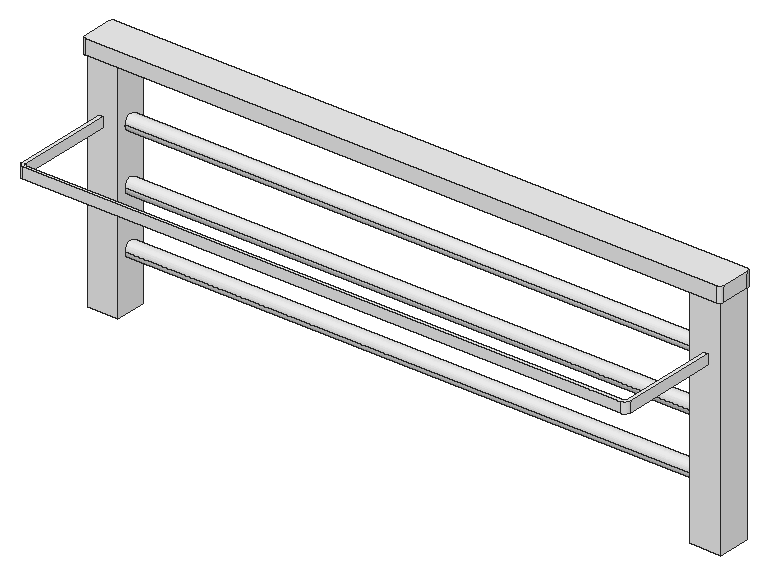
Revit family "Towel_Bar-DXV-Contemporary-D35104260_Series", category Specialty Equipment, host Face, Revit 2014
Parameters (values of type "D35104260.100")
  Width = 21 5/8"  # constant formula
  Warranty Documentation Link = "https://www.dxv.com/-/media/files/dxv/warranty/dxv_warranty_booklet.ashx"
  URL = "http://www.dxv.com/"
  Type Comments = ""
  Product Page URL = "https://www.dxv.com/product/contemporary-towel-rack-projects-model"
  Product Documentation Link = "https://dxv01.blob.core.windows.net/dxv-product-pdf-files/spec_F35104260_DXV_Contemporary_towel_bar_EN.pdf"
  Price = "Prices may vary. Please consult Manufacturer Representative for most up-to-date price list."  # constant formula
  Model = "D35104260.100"
  Material = "Brass-DXV-100-Polished Chrome"
  Manufacturer = "DXV"  # constant formula
  Length = 8 3/16"  # constant formula
  Installation Type = "Surface Mounted"  # constant formula
  Height = 4 5/8"  # constant formula
  Finish = Brass-DXV-100-Polished Chrome
  Description = "CONTEMPORARY TOWEL RACK"  # constant formula
  Default Elevation = 40"
  Creation Date = "12/20/2018"  # constant formula
  Assembly Code = "C1030200"
Types (3): name | Model | Material | Finish
  (no name) | "D35104260.100" | "Brass-DXV-100-Polished Chrome" | Brass-DXV-100-Polished Chrome
  D35104260.100 | "D35104260.100" | "Brass-DXV-100-Polished Chrome" | Brass-DXV-100-Polished Chrome
  D35104260.144 | "D35104260.144" | "Brass-DXV-144-Brushed Nickel" | Brass-DXV-144-Brushed Nickel
Reference planes (in)
  plane 1 "Center (Front/Back)": y = 0
  plane 2: z = 0
  plane 3 "Center (Left/Right)": x = 0
  plane 4: x = -9.6875
  plane 5: x = 9.6875
  plane 6: x = -10.8125
  plane 7: x = 10.8125
  plane 8: z = 7.6875
  plane 9: z = 8.1875
  plane 10: y = 0.625
  plane 11: y = -0.625
  plane 12: y = 0.53125
  plane 13: x = -10.71875
  plane 14: x = 10.75459
  plane 15: y = -0.53125
  plane 16: z = 5.76562
  plane 17: z = 3.84375
  plane 18: z = 1.92187
  plane 19: x = -10.25
  plane 20: x = 10.25
  plane 21: y = -4
Forms (in)
  Extrusion 1, solid, material "Brass-DXV-100-Polished Chrome" <- "Finish"
    sketch origin (0, 0, 0) x (1, 0, 0) y (0, 1, 0)
      loop
        arc (-10.6875, 0.625) -> (-10.77589, 0.58839) -> (-10.8125, 0.5) r 0.125
        line (-10.8125, 0.5) -> (-10.8125, -0.5)
        arc (-10.8125, -0.5) -> (-10.77589, -0.58839) -> (-10.6875, -0.625) r 0.125
        line (-10.6875, -0.625) -> (10.6875, -0.625)
        arc (10.6875, -0.625) -> (10.77589, -0.58839) -> (10.8125, -0.5) r 0.125
        line (10.8125, -0.5) -> (10.8125, 0.5)
        arc (10.8125, 0.5) -> (10.77589, 0.58839) -> (10.6875, 0.625) r 0.125
        line (10.6875, 0.625) -> (-10.6875, 0.625)
    from 7.6875 to 8.1875
  Extrusion 2, solid, material "Brass-DXV-100-Polished Chrome" <- "Finish"
    sketch origin (0, 0, 0) x (1, 0, 0) y (0, 1, 0)
      loop
        line (-10.71875, 0.53125) -> (-10.71875, -0.53125) -> (-9.6875, -0.53125) -> (-9.6875, 0.53125) -> (-10.71875, 0.53125)
      loop
        line (9.6875, 0.53125) -> (9.6875, -0.53125) -> (10.75459, -0.53125) -> (10.75459, 0.53125) -> (9.6875, 0.53125)
    from 0 to 7.6875
  Extrusion 3, solid, material "Brass-DXV-100-Polished Chrome" <- "Finish"
    sketch origin (0, 0, 0) x (0, 1, 0) y (0, 0, 1)
      loop
        circle (0, 5.76562) r 0.25
      loop
        circle (0, 3.84375) r 0.25
      loop
        circle (0, 1.92187) r 0.25
    from -9.6875 to 9.6875
  Sweep 4, solid, material "Brass-DXV-100-Polished Chrome" <- "Finish"
    path origin (0, 0, 0) x (1, 0, 0) y (0, 1, 0)
      loop
        line (-10.25, -0.53125) -> (-10.25, -3.8125)
        arc (-10.25, -3.8125) -> (-10.21339, -3.90089) -> (-10.125, -3.9375) r 0.125
        line (-10.125, -3.9375) -> (-6.25809, -3.9375) -> (10.125, -3.9375)
        arc (10.125, -3.9375) -> (10.21339, -3.90089) -> (10.25, -3.8125) r 0.125
        line (10.25, -3.8125) -> (10.25, -0.53125)
    profile origin (-10.25, -2.17188, 0) x (1, 0, 0) y (0, 0, 1)
      loop
        line (0.0625, 5.96885) -> (-0.0625, 5.96885) -> (-0.0625, 5.625) -> (0.0625, 5.625) -> (0.0625, 5.96885)
Cuts and joins
  joined: Extrusion 1, Extrusion 2, Extrusion 3, Sweep 4
Lines and regions (in)
  Masking region 1
    outline origin (0, 0, 0) x (1, 0, 0) y (0, 0, 1)
      loop
        line (10.8125, 8.1875) -> (-10.8125, 8.1875) -> (-10.8125, 7.6875) -> (-10.71875, 7.6875) -> (-10.71875, 0) -> (-9.6875, 0) -> (-9.6875, 1.67209) -> (9.6875, 1.67209) -> (9.6875, 0) -> (10.75459, 0) -> (10.75459, 7.6875) -> (10.8125, 7.6875) -> (10.8125, 8.1875)
      loop
        line (9.6875, 7.6875) -> (-9.6875, 7.6875) -> (-9.6875, 6.02609) -> (9.6875, 6.02609) -> (9.6875, 7.6875)
      loop
        line (-9.6875, 5.52609) -> (-9.6875, 4.09347) -> (9.6875, 4.09347) -> (9.6875, 5.52609) -> (-9.6875, 5.52609)
      loop
        line (-9.6875, 3.59396) -> (-9.6875, 2.1716) -> (9.6875, 2.1716) -> (9.6875, 3.59396) -> (-9.6875, 3.59396)
  symbolic lines, detail levels medium+fine
    curve 1: line (9.6875, 0, 7.6875) -> (10.75459, 0, 7.6875)
    curve 2: line (9.6875, 0, 6.01562) -> (9.6875, 0, 5.52609)
    curve 3: line (9.6875, 0, 4.09347) -> (9.6875, 0, 3.59375)
    curve 4: line (-9.6875, 0, 1.67187) -> (-9.6875, 0, 2.17187)
    curve 5: line (-9.6875, 0, 3.59375) -> (-9.6875, 0, 4.09375)
    curve 6: line (-9.6875, 0, 5.51562) -> (-9.6875, 0, 6.01562)
    curve 7: line (-9.6875, 0, 7.6875) -> (-10.71875, 0, 7.6875)
Dimensions and locks (in)
  host face to plane 8 = 7 11/16"
  "Length": host face to plane 9
  locked: plane 4 to plane 6 at 1.125
  locked: plane 7 to plane 5 at 1.125
  equal spacing: plane 5, plane 3 "Center (Left/Right)", plane 4
  "Width": plane 6 to plane 7
  plane 9 to plane 8 = 1/2"
  plane 10 to plane 12 = 3/32"
  equal spacing: plane 8, plane 16, plane 17, plane 18, host face
  equal spacing: plane 6, plane 19, plane 4
  equal spacing: plane 5, plane 20, plane 7
  "Height": plane 10 to plane 21
  aligned and locked: plane 2 to host face
  aligned and locked: level to host face
  aligned and locked: Extrusion 1 sketch curve to plane 10
  aligned and locked: Extrusion 1 sketch curve to plane 11
  aligned and locked: Extrusion 1 sketch curve to plane 6
  aligned and locked: Extrusion 1 sketch curve to plane 7
  aligned and locked: Extrusion 1 to plane 9
  aligned and locked: plane 8 to Extrusion 1
  aligned and locked: Extrusion 2 sketch curve to plane 12  (x2)
  aligned and locked: Extrusion 2 sketch curve to plane 13
  aligned and locked: Extrusion 2 sketch curve to plane 15  (x2)
  aligned and locked: Extrusion 2 sketch curve to plane 4
  aligned and locked: Extrusion 2 sketch curve to plane 5
  aligned and locked: Extrusion 2 sketch curve to plane 14
  aligned and locked: Extrusion 2 to level
  aligned and locked: Extrusion 2 to plane 8
  aligned and locked: plane 1 "Center (Front/Back)" to Extrusion 3 sketch curve  (x3)
  aligned and locked: plane 16 to Extrusion 3 sketch curve
  aligned and locked: plane 17 to Extrusion 3 sketch curve
  aligned and locked: plane 18 to Extrusion 3 sketch curve
  aligned and locked: Extrusion 3 to plane 4
  aligned and locked: plane 5 to Extrusion 3
  aligned and locked: Sweep 4 sketch curve to plane 19
  aligned and locked: Sweep 4 sketch curve to plane 20
  aligned and locked: Masking region 1 sketch curve to cut or joined group of Extrusion 1, Extrusion 2, Extrusion 3, Sweep 4  (x6)
  aligned and locked: host face to Masking region 1 sketch curve
Automatic sketch dimensions
  host sketch curve to host sketch curve = 96"  (x2)
  Extrusion 1 sketch curve to Extrusion 1 sketch curve = 1/8"
  plane 6 to Extrusion 1 sketch curve = 1/8"
  Extrusion 1 sketch curve to plane 7 = 1/8"
  Extrusion 1 sketch curve to plane 12 = 1/32"
  level to Sweep 4 sketch curve = 5 5/8"
  profile plane to Sweep 4 sketch curve = 1/16"
  Sweep 4 sketch curve to profile plane = 1/16"
  Sweep 4 sketch curve to Sweep 4 sketch curve = 0.34385"
  Sweep 4 sketch curve to plane 15 = 0"  (x2)
  Sweep 4 sketch curve to Sweep 4 sketch curve = 1/8"  (x2)
  plane 21 to Sweep 4 sketch curve = 1/16"
  plane 4 to Sweep 4 sketch curve = 3.42941"
  Masking region 1 sketch curve to plane 6 = 0"
  Masking region 1 sketch curve to plane 7 = 0"
  Masking region 1 sketch curve to plane 8 = 0"  (x2)
  Masking region 1 sketch curve to plane 18 = 0.24979"
  plane 17 to Masking region 1 sketch curve = 0.24972"
  plane 16 to Masking region 1 sketch curve = 0.26047"
  plane 18 to Masking region 1 sketch curve = 0.24972"
  Masking region 1 sketch curve to plane 5 = 0"  (x3)
  Masking region 1 sketch curve to plane 16 = 0.23953"
  Masking region 1 sketch curve to plane 17 = 0.24979"
  Masking region 1 sketch curve to plane 4 = 0"  (x3)
  Masking region 1 sketch curve to level = 0"
  curve 7 to plane 8 = 0"
  curve 7 to plane 13 = 0"
  curve 7 to plane 4 = 0"
  curve 6 to plane 4 = 0"
  curve 5 to plane 4 = 0"
  curve 4 to plane 4 = 0"
  curve 3 to plane 5 = 0"
  curve 2 to plane 5 = 0"
  curve 1 to plane 5 = 0"
  curve 1 to plane 8 = 0"
  curve 1 to plane 14 = 0"
  plane 16 to curve 2 = 1/4"
  plane 16 to curve 6 = 1/4"
  curve 2 to plane 16 = 0.23953"
  curve 6 to plane 16 = 1/4"
  plane 17 to curve 5 = 1/4"
  plane 17 to curve 3 = 0.24972"
  curve 3 to plane 17 = 1/4"
  curve 5 to plane 17 = 1/4"
  plane 18 to curve 4 = 1/4"
  curve 4 to plane 18 = 1/4"
  radius of Extrusion 3 sketch curve = 1/4"  (x3)
